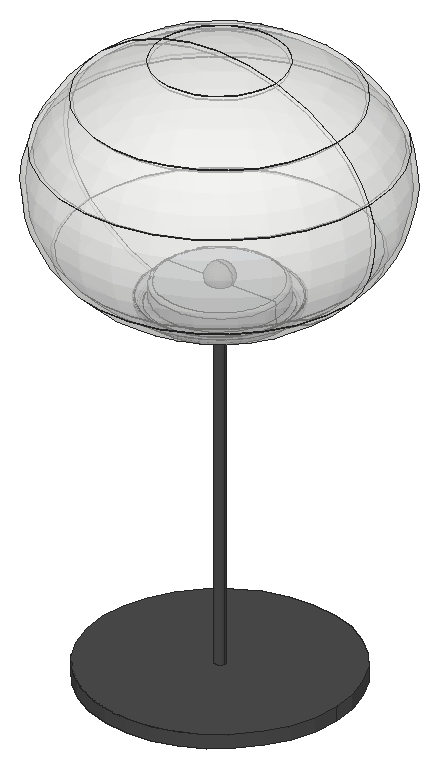
Revit family "LUCCIOLA-Table", category Lighting Fixtures, Revit 2020
Family settings
  Round Connector Dimension = Use Diameter
  Part Type = Normal
  OmniClass Number = 23.80.70.00
  OmniClass Title = Lighting
  Work Plane-Based = Yes
  Always vertical = Yes
  Cut with Voids When Loaded = No
  Light Source = No
  Shared = No
  Room Calculation Point = No
Parameters (values of type "LUCCIOLA LT 18")
  World Region [instance] = yes
  Width = 18 mm
  Voltage Control [instance] = if(World Region, 240 VA, 110 VA)  # 240 VA
  Voltage [instance] = if(World Region, 240 V, 110 V)  # 240 V
  USA and Canada market contacts = "ip@vistosi.it, +39.344.180.73.87"
  USA Region [instance] = not(World Region)  # no
  URL Product Page = "https://vistosi.it/prodotti-lampade-vetro/lucci-lt/?lang=en&sku=LUCCILT18-000BC-BCST14E2CE"
  URL = "https://vistosi.com"
  Type Comments = "Studio Debonademeo"
  Region [instance] = if(World Region, "Europe", "USA")  # "Europe"
  Product data url = ""
  Model = "LUCCIOLA"
  Material Bulb [instance] = 000_VISTOSI_Bulb
  Manufacturer country = "Italy"
  Manufacturer = "Vistosi"
  Light Source [instance] = Bulb : 2700 K 13 W 37 V 2000 lm DIM3 0-10V, Push
  Lampshad Type = LUCCIOLA_Lampshade : LUCCISP M and LUCCIOLA PP M
  Glass finish_type1 [instance] = none
  Frequency [instance] = if(World Region, 50 Hz, 60 Hz)  # 50 Hz
  Frame finish [instance] = none
  Designer = "Studio Debonademeo"
  Description = "TABLE LAMP"
  Depth = 0 mm
  Default Elevation = 1219.2 mm
  Height = 400 mm
  Country = "Europe"
  Contact = "T. +39 041 5903480 Email: vistosi@vistosi.it"
  Bulb Diametr = 15 mm
  BIMobject category = ""
Types (2, lengths in mm): name | Width | URL Product Page
  LUCCIOLA LT 18 | 18 | "https://vistosi.it/prodotti-lampade-vetro/lucci-lt/?lang=en&sku=LUCCILT18-000BC-BCST14E2CE"
  LUCCIOLA LT 27 | 27 | "https://vistosi.it/prodotti-lampade-vetro/lucci-lt/?lang=en&sku=LUCCILT27-000BC-BCST14E2CE"
Reference planes
  plane 1 "Light Source Axis (F/B)": y = 0
  plane 2: z = 0
  plane 3 "Light Source Axis (L/R)": x = 0
  plane 4 "Light Source Elevation": z = 425
  plane 5: z = 400
Forms (mm)
  Extrusion 1, solid, material <- "Frame finish"
    sketch origin (-449.822, 0, 0) x (1, 0, 0) y (0, 1, 0)
      loop
        circle (449.822, 0) r 6
    from 0 to 425
  Extrusion 2, solid, material <- "Frame finish"
    sketch origin (0, 0, 0) x (1, 0, 0) y (0, 1, 0)
      loop
        circle (0, 0) r 140
    from 0 to 15
Lines and regions (mm)
  Filled region 1, type "MODELLO_2D_JUBE LT     G  -.dwg-1", in view "Front"
    outline origin (0, 0, 0) x (1, 0, 0) y (0, 0, 1)
      loop
        spline (3720.26, -1101.511) -> (3720.266, -1101) -> (3720.276, -1100.445) -> (3720.279, -1099.863) -> (3720.264, -1099.271) -> (3720.219, -1098.685) -> (3720.134, -1098.124) -> (3719.997, -1097.602) -> (3719.796, -1097.138) -> (3719.522, -1096.748) -> (3719.162, -1096.448) -> (3718.706, -1096.256) -> (3718.142, -1096.188)
        spline (3718.142, -1096.188) -> (3717.768, -1096.231) -> (3717.446, -1096.352) -> (3717.171, -1096.544) -> (3716.94, -1096.798) -> (3716.749, -1097.104) -> (3716.595, -1097.454) -> (3716.475, -1097.84) -> (3716.384, -1098.251) -> (3716.319, -1098.68) -> (3716.277, -1099.117) -> (3716.255, -1099.556) -> (3716.249, -1099.987)
        line (3716.249, -1099.987) -> (3716.249, -1104.121) -> (3720.26, -1104.121) -> (3720.26, -1101.511)
Dimensions and locks
  locked: plane 4 "Light Source Elevation" to plane 5 at 25
  "Height": plane 5 to level
  aligned and locked: level to plane 2
  aligned and locked: Extrusion 1 to plane 2
  aligned and locked: plane 3 "Light Source Axis (L/R)" to nested 1
  aligned and locked: plane 1 "Light Source Axis (F/B)" to nested 1
  aligned and locked: nested 2 to plane 3 "Light Source Axis (L/R)"
  aligned and locked: Extrusion 1 to plane 4 "Light Source Elevation"
Automatic sketch dimensions
  Filled region 1 sketch curve to level = 1104.121 mm
  plane 3 "Light Source Axis (L/R)" to Filled region 1 sketch curve = 3716.249 mm
  Filled region 1 sketch curve to level = 1096.188 mm
  Filled region 1 sketch curve to Filled region 1 sketch curve = 1.893 mm
  Filled region 1 sketch curve to level = 1101.511 mm
  Filled region 1 sketch curve to Filled region 1 sketch curve = 4.011 mm
  Filled region 1 sketch curve to Filled region 1 sketch curve = 4.134 mm
  plane 1 "Light Source Axis (F/B)" to Extrusion 1 sketch curve = 0 mm
  Extrusion 1 sketch curve to plane 3 "Light Source Axis (L/R)" = 0 mm
  plane 1 "Light Source Axis (F/B)" to Extrusion 2 sketch curve = 0 mm
  Extrusion 2 sketch curve to plane 3 "Light Source Axis (L/R)" = 0 mm
  radius of Extrusion 1 sketch curve = 6 mm
  radius of Extrusion 2 sketch curve = 140 mm
Nested families
  nested 1: "LUCCIOLA_Lamp base" at (0, 0, 425) x (1, 0, 0) z (0, 0, -1), Frame finish <- "Frame finish", type "LUCCIOLA_Floor and Table"
  nested 2: "LUCCIOLA_Lampshade" at (0, 0, 399.789) x (-1, 0, 0) z (0, 0, 1), type <- "Lampshad Type", Glass finish_type1 <- "Glass finish_type1", Material Bulb <- "Material Bulb", Bulb Diametr <- "Bulb Diametr", type "LUCCISP M and LUCCIOLA PP M"
    with Material Bulb 000_VISTOSI_Bulb, Glass finish_type1 none, Bulb Diametr 15 mm
  nested 3: "Bulb" at (0, 0, -1070.211) x (-1, 0, 0) z (0, 0, 1), type "2700 K 13 W 37 V 2000 lm DIM2 Phase Cut"
    with Material 000_VISTOSI_Bulb, Diameter bulb 15 mm
Connectors
  electrical at (0, 0, 0), driven by "Voltage", driven by "Voltage Control"
    settings: on Extrusion 1, index 1, voltage 240 V, apparent load 0 VA, apparent load phase1 240 VA, apparent load phase2 0 VA, apparent load phase3 0 VA, power factor 1, load classification "Other", number of poles 1, system type 31, power factor state 1, is connector primary yes, connector utility no, sub classification motor no, connector description ""
Definition of nested family "LUCCIOLA_Lamp base"
  Parameters (values of type "LUCCIOLA_Floor and Table")
    Lucciola_Wall = no
    Lucciola_Suspension and Celling = no
    Lucciola_Floor and Table = yes
    Frame finish [instance] = none
    Description = "Top base"  # constant formula
    Default Elevation = 1219.2 mm
  Reference planes
    plane 1 "Center (Front/Back)": y = 0
    plane 2: z = 0
    plane 3 "Center (Left/Right)": x = 0
  Forms (mm)
    Extrusion 1, solid
      sketch origin (0, 0, 0) x (1, 0, 0) y (0, 1, 0)
        loop
          line (-1219.2, 1219.2) -> (-1219.2, -1219.2) -> (1219.2, -1219.2) -> (1219.2, 1219.2) -> (-1219.2, 1219.2)
      from 0 to -304.8
    Revolve 2, solid, material <- "Frame finish", visible <- "Lucciola_Suspension and Celling"
      sketch origin (0, 0, 27.508) x (1, 0, 0) y (0, 0, 1)
        loop
          line (-5.493, 7) -> (-55.13, 7)
          arc (-55.13, 7) -> (-57.157, 6.212) -> (-58.119, 4.261) r 3
          line (-58.119, 4.261) -> (-59.581, -12.456)
          arc (-59.581, -12.456) -> (-59.902, -13.106) -> (-60.577, -13.369) r 1
          line (-60.577, -13.369) -> (-76.909, -13.369)
          arc (-76.909, -13.369) -> (-77.518, -13.162) -> (-77.875, -12.627) r 1
          line (-77.875, -12.627) -> (-78.638, -9.779) -> (-79.604, -10.037) -> (-78.841, -12.886)
          arc (-78.841, -12.886) -> (-78.126, -13.955) -> (-76.909, -14.369) r 2
          line (-76.909, -14.369) -> (-60.577, -14.369)
          arc (-60.577, -14.369) -> (-59.226, -13.843) -> (-58.585, -12.543) r 2
          line (-58.585, -12.543) -> (-57.122, 4.174)
          arc (-57.122, 4.174) -> (-56.481, 5.475) -> (-55.13, 6) r 2
          line (-55.13, 6) -> (-5.493, 6) -> (-5.493, 7)
        loop
          line (-5.493, -15) -> (-5.493, -22)
          arc (-5.493, -22) -> (-3.884, -25.884) -> (0, -27.493) r 5.493
          line (0, -27.493) -> (0, -26.493)
          arc (0, -26.493) -> (-3.177, -25.177) -> (-4.493, -22) r 4.493
          line (-4.493, -22) -> (-4.493, -15) -> (-5.493, -15)
        axis (0, -27.493) -> (0, 7)
      angle from 0 to 360
    Extrusion 3, solid, material <- "Frame finish", visible <- "Lucciola_Suspension and Celling"
      sketch origin (0, 0, 34.508) x (0, -1, 0) y (1, 0, 0)
        loop
          circle (0, 0) r 47.5
      from -22 to -20
    Revolve 4, solid, material <- "Frame finish", visible <- "Lucciola_Wall"
      sketch origin (0, 0, 27.508) x (1, 0, 0) y (0, 0, 1)
        loop
          line (-88.371, -27.508) -> (-87.371, -27.508) -> (-87.371, -12.367) -> (-82.287, -4.829)
          arc (-82.287, -4.829) -> (-81.129, -4.179) -> (-79.917, -4.72) r 1.478
          arc (-79.917, -4.72) -> (-72.42, -10.142) -> (-65.164, -4.402) r 7.667
          line (-65.164, -4.402) -> (-65.164, 8.819)
          arc (-65.164, 8.819) -> (-64.295, 10.915) -> (-62.199, 11.784) r 2.965
          line (-62.199, 11.784) -> (0, 11.784) -> (0, 12.784) -> (-62.199, 12.784)
          arc (-62.199, 12.784) -> (-65.002, 11.622) -> (-66.164, 8.819) r 3.965
          line (-66.164, 8.819) -> (-66.164, -4.27)
          arc (-66.164, -4.27) -> (-72.585, -9.143) -> (-79.007, -4.27) r 6.667
          arc (-79.007, -4.27) -> (-81.061, -3.177) -> (-83.116, -4.27) r 2.478
          line (-83.116, -4.27) -> (-88.371, -12.061) -> (-88.371, -27.508)
        axis (0, -27.508) -> (0, 12.784)
      angle from 0 to 360
    Revolve 5, solid, material <- "Frame finish", visible <- "Lucciola_Floor and Table"
      sketch origin (0, 0, 27.508) x (1, 0, 0) y (0, 0, 1)
        loop
          line (-6.556, -27.508) -> (-6.556, -26.508) -> (-63.22, -26.508)
          arc (-63.22, -26.508) -> (-65.398, -25.606) -> (-66.3, -23.428) r 3.08
          line (-66.3, -23.428) -> (-66.3, -9.065)
          arc (-66.3, -9.065) -> (-74.072, -1.292) -> (-81.845, -9.065) r 7.773
          line (-81.845, -9.065) -> (-81.845, -11.497) -> (-80.845, -11.497) -> (-80.845, -9.065)
          arc (-80.845, -9.065) -> (-79.369, -4.772) -> (-75.564, -2.297) r 6.977
          line (-75.564, -2.297) -> (-72.564, -2.297)
          arc (-72.564, -2.297) -> (-68.614, -4.966) -> (-67.3, -9.549) r 6.977
          line (-67.3, -9.549) -> (-67.3, -23.428)
          arc (-67.3, -23.428) -> (-66.105, -26.313) -> (-63.22, -27.508) r 4.08
          line (-63.22, -27.508) -> (-6.556, -27.508)
        axis (0, -27.508) -> (0, -2.297)
      angle from 0 to 360
  Dimensions and locks
    aligned and locked: plane 2 to Extrusion 1
    aligned and locked: level to Extrusion 1
Definition of nested family "LUCCIOLA_Lampshade"
  Parameters (values of type "LUCCIPT P")
    Material Bulb [instance] = none
    LUCCISP G = no
    LUCCIPT P = yes
    LUCCIPT M = no
    LUCCIOLA PP P = no
    LUCCIOLA PP 27 = no
    LUCCILT  18 = no
    Glass finish_type1 [instance] = none
    Description = "Lampshade"  # constant formula
    Default Elevation = 1000 mm
    LUCCISP M = no
    Bulb Diametr [instance] = 15 mm
  Types (7, lengths in mm): name | LUCCIPT P | LUCCIPT M | LUCCIOLA PP P | LUCCIOLA PP 27 | LUCCILT  18
    LUCCISP G | yes | no | no | no | no
    LUCCISP M and LUCCIOLA PP M | yes | no | no | no | no
    LUCCIOLA PP 27 and LUCCIOLA PP 27 | no | no | no | yes | no
    LUCCIOLA PP P | no | no | yes | no | no
    LUCCILT  18 | no | no | no | no | yes
    LUCCIPT M | no | yes | no | no | no
    LUCCIPT P | yes | no | no | no | no
  Reference planes
    plane 1 "Center (Front/Back)": y = 0
    plane 2: z = 0
    plane 3 "Center (Left/Right)": x = 0
    plane 4: z = 300
  Forms (mm)
    Extrusion 1, solid
      sketch origin (-160.8, 0, 0) x (1, 0, 0) y (0, 1, 0)
        loop
          line (-1219.2, 1219.2) -> (-1219.2, -1219.2) -> (1219.2, -1219.2) -> (1219.2, 1219.2) -> (-1219.2, 1219.2)
      from 0 to -304.8
    Revolve 2, solid, material <- "Glass finish_type1", visible <- "LUCCISP G"
      sketch origin (0, 0, 204.686) x (1, 0, 0) y (0, 0, 1)
        loop
          line (0, -204.686) -> (0, -199.686)
          spline (0, -199.686) -> (-30.834, -198.163) -> (-61.131, -193.647) -> (-90.357, -186.208) -> (-118.006, -175.976) -> (-143.607, -163.156) -> (-166.704, -147.966) -> (-186.908, -130.688) -> (-203.881, -111.637) -> (-217.351, -91.153) -> (-227.111, -69.593) -> (-233.019, -47.318) -> (-234.998, -24.688)
          arc (-234.998, -24.688) -> (-229.204, 21.557) -> (-209.652, 63.864) r 151.784
          arc (-209.652, 63.864) -> (-155.986, 118.823) -> (-85.987, 150.454) r 207.202
          arc (-85.987, 150.454) -> (-77.857, 154.745) -> (-72.74, 162.382) r 18.761
          line (-72.74, 162.382) -> (-77.74, 162.382)
          arc (-77.74, 162.382) -> (-81.727, 157.879) -> (-87.166, 155.314) r 14.935
          arc (-87.166, 155.314) -> (-158.854, 122.918) -> (-213.814, 66.633) r 212.202
          arc (-213.814, 66.633) -> (-233.99, 23.005) -> (-240, -24.686) r 156.784
          spline (-240, -24.686) -> (-237.947, -48.181) -> (-231.822, -71.274) -> (-221.731, -93.569) -> (-207.846, -114.686) -> (-190.405, -134.263) -> (-169.706, -151.966) -> (-146.103, -167.49) -> (-120, -180.571) -> (-91.844, -190.985) -> (-62.117, -198.553) -> (-31.326, -203.147) -> (0, -204.686)
        axis (0, -204.686) -> (0, 162.382)
      angle from 0 to 360
    Revolve 3, solid, material <- "Glass finish_type1", visible <- "LUCCISP M"
      sketch origin (0, 0, 204.686) x (1, 0, 0) y (0, 0, 1)
        loop
          line (0, -204.686) -> (0, -199.686)
          arc (0, -199.686) -> (-77.74, -187.179) -> (-146.71, -149.192) r 230.077
          arc (-146.71, -149.192) -> (-176.135, -117.24) -> (-194.717, -77.979) r 144.266
          arc (-194.717, -77.979) -> (-200.148, -44.443) -> (-194.69, -10.912) r 105.981
          arc (-194.69, -10.912) -> (-177.476, 28.063) -> (-148.881, 59.65) r 133.795
          arc (-148.881, 59.65) -> (-120.432, 80.455) -> (-88.605, 95.593) r 188.301
          arc (-88.605, 95.593) -> (-81.909, 97.897) -> (-75.303, 100.449) r 188.858
          arc (-75.303, 100.449) -> (-70.985, 103.87) -> (-69.169, 109.072) r 9.883
          line (-69.169, 109.072) -> (-74.183, 109.072)
          arc (-74.183, 109.072) -> (-75.138, 106.661) -> (-77.193, 105.079) r 4.883
          arc (-77.193, 105.079) -> (-83.667, 102.577) -> (-90.231, 100.322) r 183.858
          arc (-90.231, 100.322) -> (-122.898, 84.805) -> (-152.104, 63.475) r 193.301
          arc (-152.104, 63.475) -> (-181.658, 30.803) -> (-199.485, -9.486) r 138.795
          arc (-199.485, -9.486) -> (-205.148, -44.486) -> (-199.485, -79.486) r 110.981
          arc (-199.485, -79.486) -> (-180.26, -120.067) -> (-149.836, -153.094) r 149.266
          arc (-149.836, -153.094) -> (-79.396, -191.897) -> (0, -204.686) r 235.077
        axis (0, -204.686) -> (0, 109.072)
      angle from 0 to 360
    Revolve 4, solid, material <- "Glass finish_type1", visible <- "LUCCIOLA PP 27"
      sketch origin (0, 0, 204.686) x (1, 0, 0) y (0, 0, 1)
        loop
          line (0, -204.686) -> (0, -201.686)
          arc (0, -201.686) -> (-49.621, -194.092) -> (-95.732, -174.251) r 197.773
          arc (-95.732, -174.251) -> (-115.699, -154.353) -> (-128.416, -129.195) r 88.704
          arc (-128.416, -129.195) -> (-132.078, -102.478) -> (-126.505, -76.094) r 78.691
          arc (-126.505, -76.094) -> (-118.147, -56.525) -> (-104.793, -39.959) r 77.68
          arc (-104.793, -39.959) -> (-92.924, -28.71) -> (-78.858, -20.37) r 73.357
          arc (-78.858, -20.37) -> (-75.697, -17.74) -> (-74.338, -13.86) r 7.704
          line (-74.338, -13.86) -> (-77.349, -13.86)
          arc (-77.349, -13.86) -> (-78.219, -16.111) -> (-80.091, -17.635) r 4.704
          arc (-80.091, -17.635) -> (-94.663, -26.264) -> (-106.974, -37.893) r 76.357
          arc (-106.974, -37.893) -> (-120.719, -54.981) -> (-129.354, -75.139) r 80.68
          arc (-129.354, -75.139) -> (-135.079, -102.456) -> (-131.274, -130.106) r 81.691
          arc (-131.274, -130.106) -> (-118.088, -156.17) -> (-97.374, -176.765) r 91.704
          arc (-97.374, -176.765) -> (-50.477, -196.968) -> (0, -204.686) r 200.773
        axis (0, -204.686) -> (0, -13.86)
      angle from 0 to 360
    Revolve 5, solid, material <- "Glass finish_type1", visible <- "LUCCIOLA PP P"
      sketch origin (0, 0, 204.686) x (1, 0, 0) y (0, 0, 1)
        loop
          line (0, -204.686) -> (0, -199.685)
          arc (0, -199.685) -> (-71.085, -188.612) -> (-133.937, -153.607) r 204.512
          arc (-133.937, -153.607) -> (-156.362, -129.028) -> (-170.75, -99.029) r 114.186
          arc (-170.75, -99.029) -> (-175.171, -65.996) -> (-168.457, -33.351) r 99.688
          arc (-168.457, -33.351) -> (-163.443, -22.156) -> (-157.329, -11.521) r 121.988
          arc (-157.329, -11.521) -> (-140.65, 8.397) -> (-120.722, 25.065) r 146.879
          arc (-120.722, 25.065) -> (-95.45, 39.969) -> (-68.232, 50.923) r 195.457
          line (-68.232, 50.923) -> (-68.232, 56.162)
          arc (-68.232, 56.162) -> (-96.948, 44.803) -> (-123.578, 29.169) r 200.457
          arc (-123.578, 29.169) -> (-144.216, 11.901) -> (-161.484, -8.738) r 151.879
          arc (-161.484, -8.738) -> (-167.876, -19.845) -> (-173.117, -31.54) r 126.988
          arc (-173.117, -31.54) -> (-180.168, -65.821) -> (-175.526, -100.511) r 104.688
          arc (-175.526, -100.511) -> (-160.507, -131.824) -> (-137.1, -157.479) r 119.186
          arc (-137.1, -157.479) -> (-72.764, -193.321) -> (0, -204.686) r 209.512
        axis (0, -204.686) -> (0, 56.162)
      angle from 0 to 360
    Revolve 6, solid, material <- "Glass finish_type1", visible <- "LUCCILT  18"
      sketch origin (0, 0, 204.686) x (1, 0, 0) y (0, 0, 1)
        loop
          line (-44.03, -204.686) -> (-20, -204.686) -> (-20, -201.686) -> (-43.579, -201.686)
          arc (-43.579, -201.686) -> (-68.591, -186.497) -> (-83.574, -161.362) r 60.622
          arc (-83.574, -161.362) -> (-87.019, -145.642) -> (-85.822, -129.595) r 55.65
          arc (-85.822, -129.595) -> (-79.158, -113.322) -> (-67.469, -100.184) r 52.215
          arc (-67.469, -100.184) -> (-48.547, -89.887) -> (-27.591, -84.894) r 81.709
          arc (-27.591, -84.894) -> (-13.808, -83.64) -> (0, -82.691) r 627.339
          line (0, -82.691) -> (0, -79.686)
          arc (0, -79.686) -> (-13.96, -80.643) -> (-27.895, -81.909) r 630.339
          arc (-27.895, -81.909) -> (-49.651, -87.098) -> (-69.291, -97.799) r 84.709
          arc (-69.291, -97.799) -> (-81.685, -111.705) -> (-88.75, -128.941) r 55.215
          arc (-88.75, -128.941) -> (-90.015, -145.804) -> (-86.416, -162.326) r 58.65
          arc (-86.416, -162.326) -> (-70.522, -188.809) -> (-44.03, -204.686) r 63.622
        axis (0, -204.686) -> (0, -79.686)
      angle from 0 to 360
    Revolve 7, solid, material <- "Glass finish_type1", visible <- "LUCCIPT M"
      sketch origin (0, 0, 204.686) x (1, 0, 0) y (0, 0, 1)
        loop
          line (-71.775, -204.686) -> (-66.731, -204.686)
          arc (-66.731, -204.686) -> (-68.158, -199.086) -> (-72.761, -195.591) r 8.767
          arc (-72.761, -195.591) -> (-109.987, -179.76) -> (-143.143, -156.588) r 194.933
          arc (-143.143, -156.588) -> (-167.628, -129.44) -> (-184.764, -97.147) r 148.979
          arc (-184.764, -97.147) -> (-192.021, -57.807) -> (-184.764, -18.468) r 110.253
          arc (-184.764, -18.468) -> (-164.206, 18.694) -> (-134.15, 48.699) r 151.678
          arc (-134.15, 48.699) -> (-86.979, 75.335) -> (-34.545, 88.942) r 208.835
          arc (-34.545, 88.942) -> (-17.305, 90.535) -> (0, 91.033) r 273.135
          line (0, 91.033) -> (0, 96.033)
          arc (0, 96.033) -> (-17.615, 95.526) -> (-35.162, 93.904) r 278.135
          arc (-35.162, 93.904) -> (-88.852, 79.971) -> (-137.153, 52.697) r 213.835
          arc (-137.153, 52.697) -> (-168.199, 21.703) -> (-189.435, -16.684) r 156.678
          arc (-189.435, -16.684) -> (-197.021, -57.807) -> (-189.435, -98.931) r 115.253
          arc (-189.435, -98.931) -> (-171.724, -132.308) -> (-146.417, -160.367) r 153.979
          arc (-146.417, -160.367) -> (-112.43, -184.123) -> (-74.275, -200.356) r 199.933
          arc (-74.275, -200.356) -> (-72.203, -202.047) -> (-71.775, -204.686) r 3.767
        axis (0, -204.686) -> (0, 96.033)
      angle from 0 to 360
    Revolve 8, solid, material <- "Glass finish_type1", visible <- "LUCCIPT P"
      sketch origin (0, 0, 204.686) x (1, 0, 0) y (0, 0, 1)
        loop
          line (-77.346, -204.686) -> (-72.346, -204.686)
          arc (-72.346, -204.686) -> (-74.497, -199.022) -> (-79.865, -196.212) r 8.536
          arc (-79.865, -196.212) -> (-120.483, -175.819) -> (-154.48, -145.656) r 175.026
          arc (-154.48, -145.656) -> (-180.421, -94.788) -> (-175.472, -37.903) r 103.601
          arc (-175.472, -37.903) -> (-160.166, -9.695) -> (-138.068, 13.579) r 122.688
          arc (-138.068, 13.579) -> (-104.249, 35.922) -> (-66.779, 51.378) r 210.77
          arc (-66.779, 51.378) -> (-33.756, 58.804) -> (0, 61.298) r 229.74
          line (0, 61.298) -> (0, 66.298)
          arc (0, 66.298) -> (-34.49, 63.75) -> (-68.232, 56.162) r 234.74
          arc (-68.232, 56.162) -> (-106.591, 40.339) -> (-141.212, 17.466) r 215.77
          arc (-141.212, 17.466) -> (-164.211, -6.756) -> (-180.14, -36.114) r 127.688
          arc (-180.14, -36.114) -> (-185.337, -95.7) -> (-158.197, -149.001) r 108.601
          arc (-158.197, -149.001) -> (-122.975, -180.169) -> (-80.882, -201.151) r 180.026
          arc (-80.882, -201.151) -> (-78.382, -202.186) -> (-77.346, -204.686) r 3.536
        axis (0, -204.686) -> (0, 66.298)
      angle from 0 to 360
  Lines and regions (mm)
    Masking region 1, visible <- "LUCCISP M"
      outline origin (0, 0, 0) x (1, 0, 0) y (0, 1, 0)
        loop
          circle (0, 0) r 225
    Masking region 2, not visible
      outline origin (0, 0, 0) x (1, 0, 0) y (0, 1, 0)
        loop
          circle (0, 0) r 172.6
    Masking region 3
      outline origin (0, 0, 0) x (1, 0, 0) y (0, 1, 0)
        loop
          circle (0, 0) r 80
  Dimensions and locks
    level to plane 4 = 300 mm
    nested 1 to level = 30 mm
    aligned and locked: plane 2 to Extrusion 1
    aligned and locked: level to Extrusion 1
  Nested families
    nested 1: "Bulb" at (0, 0, -1470), Material <- "Material Bulb", Diameter bulb <- "Bulb Diametr", type "2700 K 13 W 37 V 2000 lm DIM2 Phase Cut"
      with Material none, Diameter bulb 15 mm
  Definition of nested family "Bulb"
    Parameters (values of type "3000 K 13 W 37 V 2000 lm DIM3 0-10V, Push")
      Wattage = 13.4642 W
      built-in parameter 1150110 = 1 (stored number, unit not read)
      USA and Canada market contacts = ""
      built-in parameter 1114217 = 1 (stored number, unit not read)
      built-in parameter 1150109 = 1 (stored number, unit not read)
      built-in parameter 1150134 = (empty or 0)
      built-in parameter 1150113 = 1 (stored number, unit not read)
      Material [instance] = none
      Diameter bulb [instance] = 15 mm
      Lumens = 2000 lm
      built-in parameter 1150115 = 1 (stored number, unit not read)
      built-in parameter 1150105 = 159.15 (stored number, unit not read)
      Light Source Symbol Size = 30 mm
      built-in parameter 1150137 = (empty or 0)
      built-in parameter 1150139 = (empty or 0)
      built-in parameter 1150112 = 1 (stored number, unit not read)
      built-in parameter 1150114 = 1 (stored number, unit not read)
      built-in parameter 1150132 = 2
      built-in parameter 1150102 = (empty or 0)
      built-in parameter 1150138 = (empty or 0)
      built-in parameter 1150107 = 3000 (stored number, unit not read)
      built-in parameter 1150106 = 1.5915 (stored number, unit not read)
      built-in parameter 1150104 = 13.8 (stored number, unit not read)
      Dimming Lamp Color Temperature Shift = (empty or 0)
      Default Elevation = 1219.2 mm
      Color Filter = 16777215
      built-in parameter 1114218 = 1 (stored number, unit not read)
      built-in parameter 1150133 = 10 (stored number, unit not read)
    Types (4, lengths in mm): name | built-in parameter 1150107
      2700 K 13 W 37 V 2000 lm DIM2 Phase Cut | 2700 (stored number, unit not read)
      2700 K 13 W 37 V 2000 lm DIM3 0-10V, Push | 2700 (stored number, unit not read)
      3000 K 13 W 37 V 2000 lm DIM2 Phase Cut | 3000 (stored number, unit not read)
      3000 K 13 W 37 V 2000 lm DIM3 0-10V, Push | 3000 (stored number, unit not read)
    Reference planes
      plane 1 "Light Source Axis (F/B)": y = 0
      plane 2: z = 0
      plane 3 "Light Source Axis (L/R)": x = 0
      plane 4 "Light Source Elevation": z = 1500
    Forms (mm)
      Revolve 1, solid, material <- "Material"
        sketch origin (0, 0, 0) x (1, 0, 0) y (0, 0, 1)
          loop
            arc (0, 1515) -> (-15, 1500) -> (0, 1485) r 15
            line (0, 1485) -> (0, 1515)
          axis (0, 1515) -> (0, 1485)
        angle from 0 to 360
    Dimensions and locks
      "Diameter bulb": radius of Revolve 1 sketch curve
      aligned and locked: plane 3 "Light Source Axis (L/R)" to imposter light
      aligned and locked: plane 1 "Light Source Axis (F/B)" to imposter light
      aligned and locked: plane 4 "Light Source Elevation" to imposter light
      aligned and locked: level to plane 2
    Automatic sketch dimensions
      Revolve 1 sketch curve to plane 3 "Light Source Axis (L/R)" = 0 mm  (x2)
      Revolve 1 sketch curve to plane 4 "Light Source Elevation" = 0 mm
      Revolve 1 sketch curve to Revolve 1 sketch curve = 5 mm  (x2)
Definition of nested family "Bulb"
  Parameters (values of type "3000 K 13 W 37 V 2000 lm DIM3 0-10V, Push")
    Wattage = 13.4642 W
    built-in parameter 1150110 = 1 (stored number, unit not read)
    USA and Canada market contacts = ""
    built-in parameter 1114217 = 1 (stored number, unit not read)
    built-in parameter 1150109 = 1 (stored number, unit not read)
    built-in parameter 1150134 = (empty or 0)
    built-in parameter 1150113 = 1 (stored number, unit not read)
    Material [instance] = none
    Diameter bulb [instance] = 15 mm
    Lumens = 2000 lm
    built-in parameter 1150115 = 1 (stored number, unit not read)
    built-in parameter 1150105 = 159.15 (stored number, unit not read)
    Light Source Symbol Size = 30 mm
    built-in parameter 1150137 = (empty or 0)
    built-in parameter 1150139 = (empty or 0)
    built-in parameter 1150112 = 1 (stored number, unit not read)
    built-in parameter 1150114 = 1 (stored number, unit not read)
    built-in parameter 1150132 = 2
    built-in parameter 1150102 = (empty or 0)
    built-in parameter 1150138 = (empty or 0)
    built-in parameter 1150107 = 3000 (stored number, unit not read)
    built-in parameter 1150106 = 1.5915 (stored number, unit not read)
    built-in parameter 1150104 = 13.8 (stored number, unit not read)
    Dimming Lamp Color Temperature Shift = (empty or 0)
    Default Elevation = 1219.2 mm
    Color Filter = 16777215
    built-in parameter 1114218 = 1 (stored number, unit not read)
    built-in parameter 1150133 = 10 (stored number, unit not read)
  Types (4, lengths in mm): name | built-in parameter 1150107
    2700 K 13 W 37 V 2000 lm DIM2 Phase Cut | 2700 (stored number, unit not read)
    2700 K 13 W 37 V 2000 lm DIM3 0-10V, Push | 2700 (stored number, unit not read)
    3000 K 13 W 37 V 2000 lm DIM2 Phase Cut | 3000 (stored number, unit not read)
    3000 K 13 W 37 V 2000 lm DIM3 0-10V, Push | 3000 (stored number, unit not read)
  Reference planes
    plane 1 "Light Source Axis (F/B)": y = 0
    plane 2: z = 0
    plane 3 "Light Source Axis (L/R)": x = 0
    plane 4 "Light Source Elevation": z = 1500
  Forms (mm)
    Revolve 1, solid, material <- "Material"
      sketch origin (0, 0, 0) x (1, 0, 0) y (0, 0, 1)
        loop
          arc (0, 1515) -> (-15, 1500) -> (0, 1485) r 15
          line (0, 1485) -> (0, 1515)
        axis (0, 1515) -> (0, 1485)
      angle from 0 to 360
  Dimensions and locks
    "Diameter bulb": radius of Revolve 1 sketch curve
    aligned and locked: plane 3 "Light Source Axis (L/R)" to imposter light
    aligned and locked: plane 1 "Light Source Axis (F/B)" to imposter light
    aligned and locked: plane 4 "Light Source Elevation" to imposter light
    aligned and locked: level to plane 2
  Automatic sketch dimensions
    Revolve 1 sketch curve to plane 3 "Light Source Axis (L/R)" = 0 mm  (x2)
    Revolve 1 sketch curve to plane 4 "Light Source Elevation" = 0 mm
    Revolve 1 sketch curve to Revolve 1 sketch curve = 5 mm  (x2)
